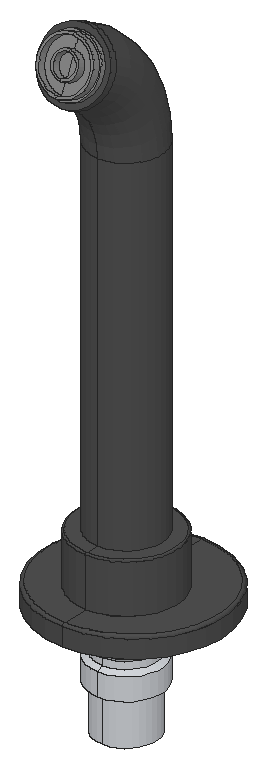
Revit family "Reece_Tap_Roca_Ona_Bath Outlet", category Plumbing Fixtures, host Face, Revit 2018
Family settings
  Host = Face
  Round Connector Dimension = Use Diameter
  Part Type = Normal
  Cut with Voids When Loaded = No
  Shared = Yes
  Room Calculation Point = Yes
Parameters (values of type "176mm_Matte Black")
  WFU = 0  # constant formula
  URL = "https://www.reece.com.au/product/-13713"
  Type Comments = "Tap"
  Reece_Tap_Reach = 176 mm  # constant formula
  Reece_Tap_Inlet = 12 mm  # constant formula
  Reece_Product_Web Page = "https://www.reece.com.au/product/-13713"
  Reece_Product_Type = "Tap"  # constant formula
  Reece_Product_Sub Brand = "Ona"  # constant formula
  Reece_Product_Number = "13713"
  Reece_Product_Mount = "Wall Mounted"  # constant formula
  Reece_Product_Description = "Roca Ona Bath Outlet 175mm Matte Black"
  Reece_Product_Brand = "Roca"  # constant formula
  Reece_Material_Secondary = Reece_Plastic_Grey
  Reece_Material_Main = Reece_Brass_Matte Black
  Reece_Detail_Installation = ""
  Reece_Detail_Disclaimer = "THIS FILE IS THE PROPERTY OF THE REECE GROUP. IT MAY NOT BE REPRODUCED, REVERSE-ENGINEERED, OR MODIFIED. ANY REPUBLICATION, TRANSMISSION, OR DISTRIBUTION FOR THE PURPOSE OF COMMERCIALLY EXPLOITING THE FILES IS PROHIBITED."  # constant formula
  Reece_Detail_Connector = ""
  Reece_Detail_Additional = ""
  Model = "Ona"
  Manufacturer = "Roca"
  Keynote = "Product #13713, Reece_Tap_Roca_Ona_Bath Outlet - 176mm_Matte Black"
  HWFU = 0  # constant formula
  Disclaimer = "THIS FILE IS THE PROPERTY OF THE REECE GROUP. IT MAY NOT BE REPRODUCED, REVERSE-ENGINEERED, OR MODIFIED. ANY REPUBLICATION, TRANSMISSION, OR DISTRIBUTION FOR THE PURPOSE OF COMMERCIALLY EXPLOITING THE FILES IS PROHIBITED."  # constant formula
  Description = "Roca Ona Bath Outlet 175mm Matte Black"
  Default Elevation = 1000 mm
  CWFU = 0  # constant formula
Types (6, lengths in mm): name | URL | Reece_Product_Web Page | Reece_Product_Number | Reece_Product_Description | Reece_Material_Main | Keynote | Description
  (no name) | "https://www.reece.com.au/product/-13712" | "https://www.reece.com.au/product/-13712" | "13712" | "Roca Ona Bath Outlet 175mm Chrome" | Reece_Brass_Chrome | "Product #13712, Reece_Tap_Roca_Ona_Bath Outlet -  " | "Roca Ona Bath Outlet 175mm Chrome"
  176mm_Chrome | "https://www.reece.com.au/product/-13712" | "https://www.reece.com.au/product/-13712" | "13712" | "Roca Ona Bath Outlet 175mm Chrome" | Reece_Brass_Chrome | "Product #13712, Reece_Tap_Roca_Ona_Bath Outlet - 176mm_Chrome" | "Roca Ona Bath Outlet 175mm Chrome"
  176mm_Brushed Nickel | "https://www.reece.com.au/product/-13715" | "https://www.reece.com.au/product/-13715" | "13715" | "Roca Ona Bath Outlet 175mm Brushed Nickel" | Reece_Brass_Brushed Nickel | "Product #13715, Reece_Tap_Roca_Ona_Bath Outlet - 176mm_Brushed Nickel" | "Roca Ona Bath Outlet 175mm Brushed Nickel"
  176mm_Brushed Brass | "https://www.reece.com.au/product/-13716" | "https://www.reece.com.au/product/-13716" | "13716" | "Roca Ona Bath Outlet 175mm Brushed Brass" | Reece_Brass_Brushed | "Product #13716, Reece_Tap_Roca_Ona_Bath Outlet - 176mm_Brushed Brass" | "Roca Ona Bath Outlet 175mm Brushed Brass"
  176mm_Matte Black | "https://www.reece.com.au/product/-13713" | "https://www.reece.com.au/product/-13713" | "13713" | "Roca Ona Bath Outlet 175mm Matte Black" | Reece_Brass_Matte Black | "Product #13713, Reece_Tap_Roca_Ona_Bath Outlet - 176mm_Matte Black" | "Roca Ona Bath Outlet 175mm Matte Black"
  176mm_Matte White | "https://www.reece.com.au/product/-13714" | "https://www.reece.com.au/product/-13714" | "13714" | "Roca Ona Bath Outlet 175mm Matte White" | Reece_Brass_Brushed Matte White | "Product #13714, Reece_Tap_Roca_Ona_Bath Outlet - 176mm_Matte White" | "Roca Ona Bath Outlet 175mm Matte White"
Reference planes
  plane 1 "Center (Front/Back)": y = 0
  plane 2 "Bottom": z = 0
  plane 3 "Center (Left/Right)": x = 0
  plane 4: y = 14.068
  plane 5: y = 14.068
  plane 6: z = 176
  plane 7: y = -28.963
  plane 8: through (0, -28.963, 176) normal (0, 0.4226, 0.9063)
  plane 9: through (0, -30.62, 162.981) normal (0, 0.4226, 0.9063)
  plane 10: y = -2.963
Forms (mm)
  Revolve 1, solid, material "Reece_Brass_Matte Black" <- "Reece_Material_Main"
    sketch origin (0, -2.963, 85) x (0, 1, 0) y (0, 0, 1)
      loop
        line (2.963, -85) -> (32.963, -85) -> (32.963, -79)
        arc (32.963, -79) -> (32.67, -78.293) -> (31.963, -78) r 1
        line (31.963, -78) -> (2.963, -78) -> (2.963, -85)
      axis (2.963, -85) -> (2.963, -78)
    angle from 0 to 360
  Revolve 2, solid, material "Reece_Brass_Matte Black" <- "Reece_Material_Main"
    sketch origin (0, -2.963, 92) x (0, 1, 0) y (0, 0, 1)
      loop
        line (0, -85) -> (17.03, -85) -> (17.03, -68.5)
        arc (17.03, -68.5) -> (16.884, -68.146) -> (16.53, -68) r 0.5
        line (16.53, -68) -> (0, -68) -> (0, -85)
      axis (0, -85) -> (0, -68)
    angle from 0 to 360
  Sweep 3, solid, material "Reece_Brass_Matte Black" <- "Reece_Material_Main"
    path origin (0, -2.963, 0) x (0, 1, 0) y (0, 0, 1)
      loop
        line (0, 24) -> (0, 141.579)
        arc (0, 141.579) -> (-5.481, 160.384) -> (-20.208, 173.299) r 35
        line (-20.208, 173.299) -> (-22.375, 174.31)
    profile origin (0, -24.254, 173.804) x (0, -0.422618, -0.906308) y (1, 0, 0)
      loop
        circle (0, 0) r 12
  Revolve 4, solid, material "Reece_Plastic_Grey" <- "Reece_Material_Secondary"
    sketch origin (0, -2.963, 0) x (0, 1, 0) y (0, 0, 1)
      loop
        line (-19.846, 183.281) -> (-22.112, 184.338) -> (-22.45, 183.613) -> (-20.184, 182.556) -> (-21.832, 179.022) -> (-24.098, 180.078) -> (-24.436, 179.353) -> (-22.171, 178.297) -> (-23.734, 174.943) -> (-22.375, 174.31) -> (-18.149, 183.373) -> (-19.508, 184.007) -> (-19.846, 183.281)
      axis (-22.375, 174.31) -> (-26, 176)
    angle from 0 to 360
  Revolve 5, solid
    sketch origin (0, 0, 0) x (0, -1, 0) y (0, 0, 1)
      loop
        line (10.887, 0) -> (10.887, -36.978) -> (12.968, -36.978) -> (12.968, -21.713) -> (14.963, -21.713) -> (14.963, -14.213) -> (12.968, -13.062) -> (12.968, -10) -> (14.056, -10) -> (14.585, -9.085) -> (14.06, -8.176) -> (14.585, -7.268) -> (14.06, -6.359) -> (14.585, -5.451) -> (14.06, -4.542) -> (14.585, -3.634) -> (14.06, -2.725) -> (14.585, -1.817) -> (14.06, -0.908) -> (14.585, 0) -> (10.887, 0)
      axis (2.963, 0) -> (2.963, -36.978)
    angle from 0 to 360
  Revolve 6, void
    sketch origin (0, 0, 0) x (0, 1, 0) y (0, 0, 1)
      loop
        line (15.218, 0) -> (-2.963, 0) -> (-2.963, -100) -> (15.218, -100) -> (15.218, 0)
      axis (-2.963, -100) -> (-2.963, 0)
    angle from 0 to 360
Cuts and joins
  joined: Revolve 1, Revolve 2, Sweep 3
Text (mm)
  text "Reece Copyright © 2018, Reece Ltd." at (-773.027, -259.146, 0), in view "Ref. Level"
  text "Reece ©" at (18.398, 187.624, 147.005), in view "Reece Preview"
Dimensions and locks
  "Reece_Tap_Reach": plane 6 to host face
  plane 10 to plane 7 = 26 mm
  locked: plane 1 "Center (Front/Back)" to plane 10 at 2.963
  "Reece_Tap_Inlet": radius of Sweep 3 sketch curve
  angle plane 6 to plane 8 = 25.00°
  aligned and locked: plane 2 "Bottom" to host face
  aligned and locked: level to host face
  aligned and locked: Revolve 6 sketch curve to plane 10
Automatic sketch dimensions
  host sketch curve to host sketch curve = 380.785 mm
  host sketch curve to host sketch curve = 317.421 mm
  level to Revolve 1 sketch curve = 0 mm
  Revolve 1 sketch curve to plane 1 "Center (Front/Back)" = 0 mm  (x2)
  Revolve 1 sketch curve to Revolve 1 sketch curve = 18.551 mm
  plane 1 "Center (Front/Back)" to Revolve 2 sketch curve = 2.963 mm  (x2)
  Revolve 2 sketch curve to plane 5 = 0 mm
  Revolve 2 sketch curve to level = 11.551 mm
  Revolve 2 sketch curve to Revolve 2 sketch curve = 18.316 mm
  Sweep 3 sketch curve to plane 6 = 1.69 mm
  Sweep 3 sketch curve to plane 8 = 0 mm  (x2)
  Revolve 4 sketch curve to plane 8 = 0 mm  (x4)
  Revolve 4 sketch curve to plane 7 = 1.564 mm
  Revolve 4 sketch curve to plane 6 = 1.69 mm
  Revolve 4 sketch curve to Revolve 4 sketch curve = 1.928 mm
  Revolve 4 sketch curve to Revolve 4 sketch curve = 0.338 mm  (x5)
  Revolve 4 sketch curve to Revolve 4 sketch curve = 1.648 mm  (x2)
  Revolve 4 sketch curve to plane 6 = 1.057 mm  (x2)
  Revolve 1 sketch curve to plane 4 = 14.932 mm
  plane 7 to Sweep 3 sketch curve = 9 mm
  Revolve 4 sketch curve to plane 6 = 31.494 mm
  Revolve 1 sketch curve to Revolve 1 sketch curve = 28.316 mm
  plane 5 to Revolve 2 sketch curve = 0.5 mm
  Revolve 1 sketch curve to Revolve 1 sketch curve = 1 mm
  level to Revolve 1 sketch curve = 6 mm
  level to Revolve 2 sketch curve = 7 mm
  Revolve 2 sketch curve to Revolve 2 sketch curve = 16.5 mm
  level to Sweep 3 sketch curve = 24 mm
  plane 1 "Center (Front/Back)" to Sweep 3 sketch curve = 2.963 mm
  plane 1 "Center (Front/Back)" to Revolve 5 sketch curve = 2.963 mm
  Revolve 5 sketch curve to level = 0 mm  (x2)
  Revolve 5 sketch curve to plane 10 = 7.924 mm
  Revolve 5 sketch curve to plane 10 = 10.006 mm  (x2)
  Revolve 5 sketch curve to Revolve 5 sketch curve = 1.088 mm
  Revolve 5 sketch curve to Revolve 5 sketch curve = 0.004 mm
  Revolve 5 sketch curve to Revolve 5 sketch curve = 0 mm  (x3)
  Revolve 5 sketch curve to level = 0.908 mm
  Revolve 5 sketch curve to Revolve 5 sketch curve = 3.174 mm
  Revolve 5 sketch curve to level = 2.725 mm
  Revolve 5 sketch curve to Revolve 5 sketch curve = 0.525 mm  (x6)
  Revolve 5 sketch curve to level = 1.817 mm
  Revolve 5 sketch curve to level = 3.634 mm
  Revolve 5 sketch curve to Revolve 5 sketch curve = 1.994 mm
  Revolve 5 sketch curve to Revolve 5 sketch curve = 0.908 mm  (x6)
  Revolve 5 sketch curve to Revolve 5 sketch curve = 0.915 mm
  Revolve 5 sketch curve to Revolve 5 sketch curve = 3.062 mm
  Revolve 5 sketch curve to Revolve 5 sketch curve = 1.151 mm
  Revolve 5 sketch curve to Revolve 5 sketch curve = 7.5 mm
  Revolve 5 sketch curve to Revolve 5 sketch curve = 15.265 mm
  Revolve 5 sketch curve to Revolve 5 sketch curve = 5.594 mm
  level to Revolve 6 sketch curve = 0 mm
  Revolve 6 sketch curve to plane 10 = 0 mm
  Revolve 6 sketch curve to plane 1 "Center (Front/Back)" = 15.218 mm
  Revolve 6 sketch curve to level = 100 mm
  Revolve 6 sketch curve to Revolve 6 sketch curve = 51.244 mm
  plane 6 to Revolve 6 sketch curve = 23.849 mm
  Sweep 3 sketch curve to plane 3 "Center (Left/Right)" = 0 mm
  Sweep 3 sketch curve to profile plane = 0 mm
Connectors
  piping at (0, -2.963, 0), diameter 12, driven by "Reece_Tap_Inlet"
    settings: on Revolve 5, index 1, connector inside diameter 609.6 mm, connector length 0 mm, flow factor 0, pipe flow 0.0 L/s, pressure drop 0.0 Pa, fitting loss kfactor 0, connector angle 0.00°, fixture units 0, engagement length 0 mm, angle of deflection 0.00°, flow configuration 0, flow direction 1, fitting loss method 0, system type 29, joint type 0, gender type 0, connector reference index -1, connector utility 0, adjustable connector no, is connector primary yes, connector description ""
